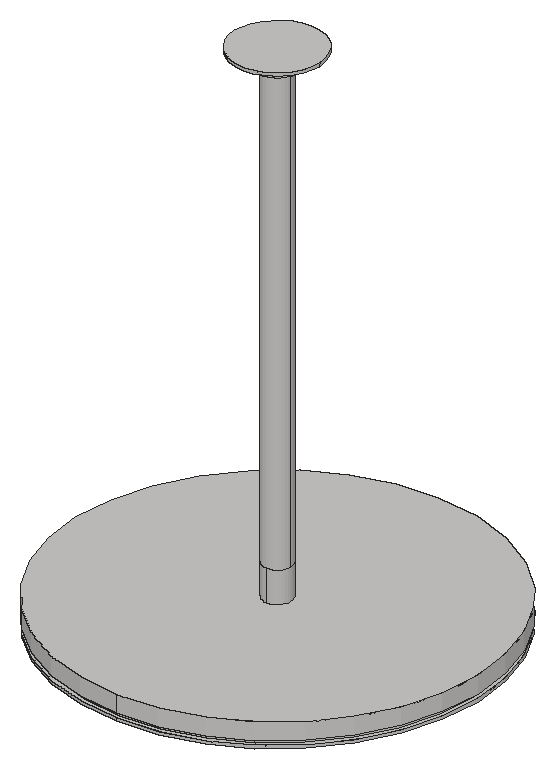
Revit family "060A+200", category Generic Models, Revit 2021
Family settings
  Can host rebar = No
  Round Connector Dimension = Use Diameter
  Part Type = Normal
  Work Plane-Based = No
  Always vertical = Yes
  Cut with Voids When Loaded = No
  Shared = No
  Room Calculation Point = No
Parameters (values of type "Standard")
  e-mail = "info@vola.com"
  URL = "http://vola.com"
  Telephone = "+45 7023 5500"
  Quality management standard = "ISO 9001"
  Organisation no. / DUNS no. = "17531328"
  Occupational health and safety management standard = "ISO 18001"
  Mounting Instructions = "http://vola.com/service/producturl.ashx?name=060A%2b200"
  Model = "060A+200"
  Materials and components information = "http://vola.com/service/producturl.ashx?name=060A%2b200"
  Manufacturer = "VOLA A/S"
  Maintenance Instructions = "http://vola.com/service/producturl.ashx?name=060A%2b200"
  Guarantee = "2 years"
  Flow = "22,00 l/min"
  Environmental management standard = "ISO 14000"
  Default Elevation = 0.00 mm
  Connection - All relevant connections = ""
  Approvals = "http://vola.com/service/producturl.ashx?name=060A%2b200"
Reference planes
  plane 1 "Center (Front/Back)": y = 0
  plane 2: z = 0
  plane 3 "Center (Left/Right)": x = 0
Forms (mm)
  Extrusion 1, solid, material "Stainless Steel"
    sketch origin (0, 0, -9.5) x (0, 1, 0) y (1, 0, 0)
      loop
        circle (0, 0) r 9.5
    from 0 to 318.5
  Extrusion 2, solid, material "Stainless Steel"
    sketch origin (-450, 0, -328) x (-1, 0, 0) y (0, 1, 0)
      loop
        circle (-450, 0) r 8.5
    from 0 to 0.2
  Extrusion 3, solid, material "Stainless Steel"
    sketch origin (-450, 0, -328.2) x (0, -1, 0) y (-1, 0, 0)
      loop
        circle (0, -450) r 9.5
    from 0 to 21.8
  Extrusion 4, solid, material "Stainless Steel"
    sketch origin (-450, 0, -350) x (1, 0, 0) y (0, -1, 0)
      loop
        circle (450, 0) r 143
    from 0 to 12
  Extrusion 5, solid, material "Stainless Steel"
    sketch origin (-450, 0, -362) x (0, 1, 0) y (1, 0, 0)
      loop
        circle (0, 450) r 140
    from 0 to 3
  Extrusion 6, solid, material "Stainless Steel"
    sketch origin (-450, 0, -365) x (-1, 0, 0) y (0, 1, 0)
      loop
        circle (-450, 0) r 143
    from 0 to 2
  Extrusion 7, solid, material "Stainless Steel"
    sketch origin (0, 0, -2) x (1, 0, 0) y (0, 1, 0)
      loop
        circle (0, 0) r 18
    from 0 to -7.5
  Extrusion 8, solid, material "Stainless Steel"
    sketch origin (0, 0, -2) x (1, 0, 0) y (0, 1, 0)
      loop
        circle (0, 0) r 30
    from 0 to 2
Dimensions and locks
  aligned and locked: plane 2 to level
Nested families
  nested 1: "Shower Detail Lines" at (0, 0, -367) x (0, 1, 0) z (0, 0, 1), type "Shower Detail Lines"
Definition of nested family "Shower Detail Lines"
  Parameters
    Default Elevation = 1219.20 mm
  Reference planes
    plane 1 "Center (Front/Back)": y = 0
    plane 2: z = 0
    plane 3 "Center (Left/Right)": x = 0
  Lines and regions (mm)
    model lines
      curve 1: line (-2, -24, 0) -> (2, -24, 0)
      curve 2: line (-2, -130, 0) -> (-2, -24, 0)
      curve 3: line (2, -130, 0) -> (-2, -130, 0)
      curve 4: line (2, -24, 0) -> (2, -130, 0)
      curve 5: circle (0, -27.479, 0) r 1.5 normal (0, 0, 1)
      curve 6: circle (0, -27.479, 0) r 0.5 normal (0, 0, 1)
      curve 7: circle (0, -36.479, 0) r 1.5 normal (0, 0, 1)
      curve 8: circle (0, -36.479, 0) r 0.5 normal (0, 0, 1)
      curve 9: circle (0, -45.479, 0) r 1.5 normal (0, 0, 1)
      curve 10: circle (0, -45.479, 0) r 0.5 normal (0, 0, 1)
      curve 11: circle (0, -54.479, 0) r 1.5 normal (0, 0, 1)
      curve 12: circle (0, -54.479, 0) r 0.5 normal (0, 0, 1)
      curve 13: circle (0, -63.479, 0) r 1.5 normal (0, 0, 1)
      curve 14: circle (0, -63.479, 0) r 0.5 normal (0, 0, 1)
      curve 15: circle (0, -72.479, 0) r 1.5 normal (0, 0, 1)
      curve 16: circle (0, -72.479, 0) r 0.5 normal (0, 0, 1)
      curve 17: circle (0, -81.479, 0) r 1.5 normal (0, 0, 1)
      curve 18: circle (0, -81.479, 0) r 0.5 normal (0, 0, 1)
      curve 19: circle (0, -90.479, 0) r 1.5 normal (0, 0, 1)
      curve 20: circle (0, -90.479, 0) r 0.5 normal (0, 0, 1)
      curve 21: circle (0, -99.479, 0) r 1.5 normal (0, 0, 1)
      curve 22: circle (0, -99.479, 0) r 0.5 normal (0, 0, 1)
      curve 23: circle (0, -108.479, 0) r 1.5 normal (0, 0, 1)
      curve 24: circle (0, -108.479, 0) r 0.5 normal (0, 0, 1)
      curve 25: circle (0, -117.479, 0) r 1.5 normal (0, 0, 1)
      curve 26: circle (0, -117.479, 0) r 0.5 normal (0, 0, 1)
      curve 27: circle (0, -126.479, 0) r 1.5 normal (0, 0, 1)
      curve 28: circle (0, -126.479, 0) r 0.5 normal (0, 0, 1)
      curve 29: line (6.329, -23.237, 0) -> (10.088, -21.869, 0)
      curve 30: line (42.583, -122.844, 0) -> (6.329, -23.237, 0)
      curve 31: line (46.342, -121.476, 0) -> (42.583, -122.844, 0)
      curve 32: line (10.088, -21.869, 0) -> (46.342, -121.476, 0)
      curve 33: circle (9.398, -25.822, 0) r 1.5 normal (0, 0, 1)
      curve 34: circle (9.398, -25.822, 0) r 0.5 normal (0, 0, 1)
      curve 35: circle (12.477, -34.279, 0) r 1.5 normal (0, 0, 1)
      curve 36: circle (12.477, -34.279, 0) r 0.5 normal (0, 0, 1)
      curve 37: circle (15.555, -42.736, 0) r 1.5 normal (0, 0, 1)
      curve 38: circle (15.555, -42.736, 0) r 0.5 normal (0, 0, 1)
      curve 39: circle (18.633, -51.193, 0) r 1.5 normal (0, 0, 1)
      curve 40: circle (18.633, -51.193, 0) r 0.5 normal (0, 0, 1)
      curve 41: circle (21.711, -59.651, 0) r 1.5 normal (0, 0, 1)
      curve 42: circle (21.711, -59.651, 0) r 0.5 normal (0, 0, 1)
      curve 43: circle (24.789, -68.108, 0) r 1.5 normal (0, 0, 1)
      curve 44: circle (24.789, -68.108, 0) r 0.5 normal (0, 0, 1)
      curve 45: circle (27.867, -76.565, 0) r 1.5 normal (0, 0, 1)
      curve 46: circle (27.867, -76.565, 0) r 0.5 normal (0, 0, 1)
      curve 47: circle (30.946, -85.022, 0) r 1.5 normal (0, 0, 1)
      curve 48: circle (30.946, -85.022, 0) r 0.5 normal (0, 0, 1)
      curve 49: circle (34.024, -93.48, 0) r 1.5 normal (0, 0, 1)
      curve 50: circle (34.024, -93.48, 0) r 0.5 normal (0, 0, 1)
      curve 51: circle (37.102, -101.937, 0) r 1.5 normal (0, 0, 1)
      curve 52: circle (37.102, -101.937, 0) r 0.5 normal (0, 0, 1)
      curve 53: circle (40.18, -110.394, 0) r 1.5 normal (0, 0, 1)
      curve 54: circle (40.18, -110.394, 0) r 0.5 normal (0, 0, 1)
      curve 55: circle (43.258, -118.851, 0) r 1.5 normal (0, 0, 1)
      curve 56: circle (43.258, -118.851, 0) r 0.5 normal (0, 0, 1)
      curve 57: line (13.895, -19.671, 0) -> (16.959, -17.099, 0)
      curve 58: line (82.03, -100.871, 0) -> (13.895, -19.671, 0)
      curve 59: line (85.094, -98.3, 0) -> (82.03, -100.871, 0)
      curve 60: line (16.959, -17.099, 0) -> (85.094, -98.3, 0)
      curve 61: circle (17.663, -21.05, 0) r 1.5 normal (0, 0, 1)
      curve 62: circle (17.663, -21.05, 0) r 0.5 normal (0, 0, 1)
      curve 63: circle (23.448, -27.944, 0) r 1.5 normal (0, 0, 1)
      curve 64: circle (23.448, -27.944, 0) r 0.5 normal (0, 0, 1)
      curve 65: circle (29.233, -34.839, 0) r 1.5 normal (0, 0, 1)
      curve 66: circle (29.233, -34.839, 0) r 0.5 normal (0, 0, 1)
      curve 67: circle (35.018, -41.733, 0) r 1.5 normal (0, 0, 1)
      curve 68: circle (35.018, -41.733, 0) r 0.5 normal (0, 0, 1)
      curve 69: circle (40.803, -48.628, 0) r 1.5 normal (0, 0, 1)
      curve 70: circle (40.803, -48.628, 0) r 0.5 normal (0, 0, 1)
      curve 71: circle (46.589, -55.522, 0) r 1.5 normal (0, 0, 1)
      curve 72: circle (46.589, -55.522, 0) r 0.5 normal (0, 0, 1)
      curve 73: circle (52.374, -62.416, 0) r 1.5 normal (0, 0, 1)
      curve 74: circle (52.374, -62.416, 0) r 0.5 normal (0, 0, 1)
      curve 75: circle (58.159, -69.311, 0) r 1.5 normal (0, 0, 1)
      curve 76: circle (58.159, -69.311, 0) r 0.5 normal (0, 0, 1)
      curve 77: circle (63.944, -76.205, 0) r 1.5 normal (0, 0, 1)
      curve 78: circle (63.944, -76.205, 0) r 0.5 normal (0, 0, 1)
      curve 79: circle (69.729, -83.1, 0) r 1.5 normal (0, 0, 1)
      curve 80: circle (69.729, -83.1, 0) r 0.5 normal (0, 0, 1)
      curve 81: circle (75.514, -89.994, 0) r 1.5 normal (0, 0, 1)
      curve 82: circle (75.514, -89.994, 0) r 0.5 normal (0, 0, 1)
      curve 83: circle (81.299, -96.888, 0) r 1.5 normal (0, 0, 1)
      curve 84: circle (81.299, -96.888, 0) r 0.5 normal (0, 0, 1)
      curve 85: line (19.785, -13.732, 0) -> (21.785, -10.268, 0)
      curve 86: line (111.583, -66.732, 0) -> (19.785, -13.732, 0)
      curve 87: line (113.583, -63.268, 0) -> (111.583, -66.732, 0)
      curve 88: line (21.785, -10.268, 0) -> (113.583, -63.268, 0)
      curve 89: circle (23.797, -13.739, 0) r 1.5 normal (0, 0, 1)
      curve 90: circle (23.797, -13.739, 0) r 0.5 normal (0, 0, 1)
      curve 91: circle (31.592, -18.239, 0) r 1.5 normal (0, 0, 1)
      curve 92: circle (31.592, -18.239, 0) r 0.5 normal (0, 0, 1)
      curve 93: circle (39.386, -22.739, 0) r 1.5 normal (0, 0, 1)
      curve 94: circle (39.386, -22.739, 0) r 0.5 normal (0, 0, 1)
      curve 95: circle (47.18, -27.239, 0) r 1.5 normal (0, 0, 1)
      curve 96: circle (47.18, -27.239, 0) r 0.5 normal (0, 0, 1)
      curve 97: circle (54.974, -31.739, 0) r 1.5 normal (0, 0, 1)
      curve 98: circle (54.974, -31.739, 0) r 0.5 normal (0, 0, 1)
      curve 99: circle (62.769, -36.239, 0) r 1.5 normal (0, 0, 1)
      curve 100: circle (62.769, -36.239, 0) r 0.5 normal (0, 0, 1)
      curve 101: circle (70.563, -40.739, 0) r 1.5 normal (0, 0, 1)
      curve 102: circle (70.563, -40.739, 0) r 0.5 normal (0, 0, 1)
      curve 103: circle (78.357, -45.239, 0) r 1.5 normal (0, 0, 1)
      curve 104: circle (78.357, -45.239, 0) r 0.5 normal (0, 0, 1)
      curve 105: circle (86.151, -49.739, 0) r 1.5 normal (0, 0, 1)
      curve 106: circle (86.151, -49.739, 0) r 0.5 normal (0, 0, 1)
      curve 107: circle (93.945, -54.239, 0) r 1.5 normal (0, 0, 1)
      curve 108: circle (93.945, -54.239, 0) r 0.5 normal (0, 0, 1)
      curve 109: circle (101.74, -58.739, 0) r 1.5 normal (0, 0, 1)
      curve 110: circle (101.74, -58.739, 0) r 0.5 normal (0, 0, 1)
      curve 111: circle (109.534, -63.239, 0) r 1.5 normal (0, 0, 1)
      curve 112: circle (109.534, -63.239, 0) r 0.5 normal (0, 0, 1)
      curve 113: line (23.288, -6.137, 0) -> (23.983, -2.198, 0)
      curve 114: line (127.678, -24.544, 0) -> (23.288, -6.137, 0)
      curve 115: line (128.372, -20.605, 0) -> (127.678, -24.544, 0)
      curve 116: line (23.983, -2.198, 0) -> (128.372, -20.605, 0)
      curve 117: circle (27.061, -4.772, 0) r 1.5 normal (0, 0, 1)
      curve 118: circle (27.061, -4.772, 0) r 0.5 normal (0, 0, 1)
      curve 119: circle (35.925, -6.334, 0) r 1.5 normal (0, 0, 1)
      curve 120: circle (35.925, -6.334, 0) r 0.5 normal (0, 0, 1)
      curve 121: circle (44.788, -7.897, 0) r 1.5 normal (0, 0, 1)
      curve 122: circle (44.788, -7.897, 0) r 0.5 normal (0, 0, 1)
      curve 123: circle (53.651, -9.46, 0) r 1.5 normal (0, 0, 1)
      curve 124: circle (53.651, -9.46, 0) r 0.5 normal (0, 0, 1)
      curve 125: circle (62.514, -11.023, 0) r 1.5 normal (0, 0, 1)
      curve 126: circle (62.514, -11.023, 0) r 0.5 normal (0, 0, 1)
      curve 127: circle (71.378, -12.586, 0) r 1.5 normal (0, 0, 1)
      curve 128: circle (71.378, -12.586, 0) r 0.5 normal (0, 0, 1)
      curve 129: circle (80.241, -14.149, 0) r 1.5 normal (0, 0, 1)
      curve 130: circle (80.241, -14.149, 0) r 0.5 normal (0, 0, 1)
      curve 131: circle (89.104, -15.711, 0) r 1.5 normal (0, 0, 1)
      curve 132: circle (89.104, -15.711, 0) r 0.5 normal (0, 0, 1)
      curve 133: circle (97.968, -17.274, 0) r 1.5 normal (0, 0, 1)
      curve 134: circle (97.968, -17.274, 0) r 0.5 normal (0, 0, 1)
      curve 135: circle (106.831, -18.837, 0) r 1.5 normal (0, 0, 1)
      curve 136: circle (106.831, -18.837, 0) r 0.5 normal (0, 0, 1)
      curve 137: circle (115.694, -20.4, 0) r 1.5 normal (0, 0, 1)
      curve 138: circle (115.694, -20.4, 0) r 0.5 normal (0, 0, 1)
      curve 139: circle (124.557, -21.963, 0) r 1.5 normal (0, 0, 1)
      curve 140: circle (124.557, -21.963, 0) r 0.5 normal (0, 0, 1)
      curve 141: line (23.983, 2.198, 0) -> (23.288, 6.137, 0)
      curve 142: line (128.372, 20.605, 0) -> (23.983, 2.198, 0)
      curve 143: line (127.678, 24.544, 0) -> (128.372, 20.605, 0)
      curve 144: line (23.288, 6.137, 0) -> (127.678, 24.544, 0)
      curve 145: circle (27.061, 4.772, 0) r 1.5 normal (0, 0, 1)
      curve 146: circle (27.061, 4.772, 0) r 0.5 normal (0, 0, 1)
      curve 147: circle (35.925, 6.334, 0) r 1.5 normal (0, 0, 1)
      curve 148: circle (35.925, 6.334, 0) r 0.5 normal (0, 0, 1)
      curve 149: circle (44.788, 7.897, 0) r 1.5 normal (0, 0, 1)
      curve 150: circle (44.788, 7.897, 0) r 0.5 normal (0, 0, 1)
      curve 151: circle (53.651, 9.46, 0) r 1.5 normal (0, 0, 1)
      curve 152: circle (53.651, 9.46, 0) r 0.5 normal (0, 0, 1)
      curve 153: circle (62.514, 11.023, 0) r 1.5 normal (0, 0, 1)
      curve 154: circle (62.514, 11.023, 0) r 0.5 normal (0, 0, 1)
      curve 155: circle (71.378, 12.586, 0) r 1.5 normal (0, 0, 1)
      curve 156: circle (71.378, 12.586, 0) r 0.5 normal (0, 0, 1)
      curve 157: circle (80.241, 14.149, 0) r 1.5 normal (0, 0, 1)
      curve 158: circle (80.241, 14.149, 0) r 0.5 normal (0, 0, 1)
      curve 159: circle (89.104, 15.711, 0) r 1.5 normal (0, 0, 1)
      curve 160: circle (89.104, 15.711, 0) r 0.5 normal (0, 0, 1)
      curve 161: circle (97.968, 17.274, 0) r 1.5 normal (0, 0, 1)
      curve 162: circle (97.968, 17.274, 0) r 0.5 normal (0, 0, 1)
      curve 163: circle (106.831, 18.837, 0) r 1.5 normal (0, 0, 1)
      curve 164: circle (106.831, 18.837, 0) r 0.5 normal (0, 0, 1)
      curve 165: circle (115.694, 20.4, 0) r 1.5 normal (0, 0, 1)
      curve 166: circle (115.694, 20.4, 0) r 0.5 normal (0, 0, 1)
      curve 167: circle (124.557, 21.963, 0) r 1.5 normal (0, 0, 1)
      curve 168: circle (124.557, 21.963, 0) r 0.5 normal (0, 0, 1)
      curve 169: line (21.785, 10.268, 0) -> (19.785, 13.732, 0)
      curve 170: line (113.583, 63.268, 0) -> (21.785, 10.268, 0)
      curve 171: line (111.583, 66.732, 0) -> (113.583, 63.268, 0)
      curve 172: line (19.785, 13.732, 0) -> (111.583, 66.732, 0)
      curve 173: circle (23.797, 13.739, 0) r 1.5 normal (0, 0, 1)
      curve 174: circle (23.797, 13.739, 0) r 0.5 normal (0, 0, 1)
      curve 175: circle (31.592, 18.239, 0) r 1.5 normal (0, 0, 1)
      curve 176: circle (31.592, 18.239, 0) r 0.5 normal (0, 0, 1)
      curve 177: circle (39.386, 22.739, 0) r 1.5 normal (0, 0, 1)
      curve 178: circle (39.386, 22.739, 0) r 0.5 normal (0, 0, 1)
      curve 179: circle (47.18, 27.239, 0) r 1.5 normal (0, 0, 1)
      curve 180: circle (47.18, 27.239, 0) r 0.5 normal (0, 0, 1)
      curve 181: circle (54.974, 31.739, 0) r 1.5 normal (0, 0, 1)
      curve 182: circle (54.974, 31.739, 0) r 0.5 normal (0, 0, 1)
      curve 183: circle (62.769, 36.239, 0) r 1.5 normal (0, 0, 1)
      curve 184: circle (62.769, 36.239, 0) r 0.5 normal (0, 0, 1)
      curve 185: circle (70.563, 40.739, 0) r 1.5 normal (0, 0, 1)
      curve 186: circle (70.563, 40.739, 0) r 0.5 normal (0, 0, 1)
      curve 187: circle (78.357, 45.239, 0) r 1.5 normal (0, 0, 1)
      curve 188: circle (78.357, 45.239, 0) r 0.5 normal (0, 0, 1)
      curve 189: circle (86.151, 49.739, 0) r 1.5 normal (0, 0, 1)
      curve 190: circle (86.151, 49.739, 0) r 0.5 normal (0, 0, 1)
      curve 191: circle (93.945, 54.239, 0) r 1.5 normal (0, 0, 1)
      curve 192: circle (93.945, 54.239, 0) r 0.5 normal (0, 0, 1)
      curve 193: circle (101.74, 58.739, 0) r 1.5 normal (0, 0, 1)
      curve 194: circle (101.74, 58.739, 0) r 0.5 normal (0, 0, 1)
      curve 195: circle (109.534, 63.239, 0) r 1.5 normal (0, 0, 1)
      curve 196: circle (109.534, 63.239, 0) r 0.5 normal (0, 0, 1)
      curve 197: line (16.959, 17.099, 0) -> (13.895, 19.671, 0)
      curve 198: line (85.094, 98.3, 0) -> (16.959, 17.099, 0)
      curve 199: line (82.03, 100.871, 0) -> (85.094, 98.3, 0)
      curve 200: line (13.895, 19.671, 0) -> (82.03, 100.871, 0)
      curve 201: circle (17.663, 21.05, 0) r 1.5 normal (0, 0, 1)
      curve 202: circle (17.663, 21.05, 0) r 0.5 normal (0, 0, 1)
      curve 203: circle (23.448, 27.944, 0) r 1.5 normal (0, 0, 1)
      curve 204: circle (23.448, 27.944, 0) r 0.5 normal (0, 0, 1)
      curve 205: circle (29.233, 34.839, 0) r 1.5 normal (0, 0, 1)
      curve 206: circle (29.233, 34.839, 0) r 0.5 normal (0, 0, 1)
      curve 207: circle (35.018, 41.733, 0) r 1.5 normal (0, 0, 1)
      curve 208: circle (35.018, 41.733, 0) r 0.5 normal (0, 0, 1)
      curve 209: circle (40.803, 48.628, 0) r 1.5 normal (0, 0, 1)
      curve 210: circle (40.803, 48.628, 0) r 0.5 normal (0, 0, 1)
      curve 211: circle (46.589, 55.522, 0) r 1.5 normal (0, 0, 1)
      curve 212: circle (46.589, 55.522, 0) r 0.5 normal (0, 0, 1)
      curve 213: circle (52.374, 62.416, 0) r 1.5 normal (0, 0, 1)
      curve 214: circle (52.374, 62.416, 0) r 0.5 normal (0, 0, 1)
      curve 215: circle (58.159, 69.311, 0) r 1.5 normal (0, 0, 1)
      curve 216: circle (58.159, 69.311, 0) r 0.5 normal (0, 0, 1)
      curve 217: circle (63.944, 76.205, 0) r 1.5 normal (0, 0, 1)
      curve 218: circle (63.944, 76.205, 0) r 0.5 normal (0, 0, 1)
      curve 219: circle (69.729, 83.1, 0) r 1.5 normal (0, 0, 1)
      curve 220: circle (69.729, 83.1, 0) r 0.5 normal (0, 0, 1)
      curve 221: circle (75.514, 89.994, 0) r 1.5 normal (0, 0, 1)
      curve 222: circle (75.514, 89.994, 0) r 0.5 normal (0, 0, 1)
      curve 223: circle (81.299, 96.888, 0) r 1.5 normal (0, 0, 1)
      curve 224: circle (81.299, 96.888, 0) r 0.5 normal (0, 0, 1)
      curve 225: line (10.088, 21.869, 0) -> (6.329, 23.237, 0)
      curve 226: line (46.342, 121.476, 0) -> (10.088, 21.869, 0)
      curve 227: line (42.583, 122.844, 0) -> (46.342, 121.476, 0)
      curve 228: line (6.329, 23.237, 0) -> (42.583, 122.844, 0)
      curve 229: circle (9.398, 25.822, 0) r 1.5 normal (0, 0, 1)
      curve 230: circle (9.398, 25.822, 0) r 0.5 normal (0, 0, 1)
      curve 231: circle (12.477, 34.279, 0) r 1.5 normal (0, 0, 1)
      curve 232: circle (12.477, 34.279, 0) r 0.5 normal (0, 0, 1)
      curve 233: circle (15.555, 42.736, 0) r 1.5 normal (0, 0, 1)
      curve 234: circle (15.555, 42.736, 0) r 0.5 normal (0, 0, 1)
      curve 235: circle (18.633, 51.193, 0) r 1.5 normal (0, 0, 1)
      curve 236: circle (18.633, 51.193, 0) r 0.5 normal (0, 0, 1)
      curve 237: circle (21.711, 59.651, 0) r 1.5 normal (0, 0, 1)
      curve 238: circle (21.711, 59.651, 0) r 0.5 normal (0, 0, 1)
      curve 239: circle (24.789, 68.108, 0) r 1.5 normal (0, 0, 1)
      curve 240: circle (24.789, 68.108, 0) r 0.5 normal (0, 0, 1)
      curve 241: circle (27.867, 76.565, 0) r 1.5 normal (0, 0, 1)
      curve 242: circle (27.867, 76.565, 0) r 0.5 normal (0, 0, 1)
      curve 243: circle (30.946, 85.022, 0) r 1.5 normal (0, 0, 1)
      curve 244: circle (30.946, 85.022, 0) r 0.5 normal (0, 0, 1)
      curve 245: circle (34.024, 93.48, 0) r 1.5 normal (0, 0, 1)
      curve 246: circle (34.024, 93.48, 0) r 0.5 normal (0, 0, 1)
      curve 247: circle (37.102, 101.937, 0) r 1.5 normal (0, 0, 1)
      curve 248: circle (37.102, 101.937, 0) r 0.5 normal (0, 0, 1)
      curve 249: circle (40.18, 110.394, 0) r 1.5 normal (0, 0, 1)
      curve 250: circle (40.18, 110.394, 0) r 0.5 normal (0, 0, 1)
      curve 251: circle (43.258, 118.851, 0) r 1.5 normal (0, 0, 1)
      curve 252: circle (43.258, 118.851, 0) r 0.5 normal (0, 0, 1)
      curve 253: line (2, 24, 0) -> (-2, 24, 0)
      curve 254: line (2, 130, 0) -> (2, 24, 0)
      curve 255: line (-2, 130, 0) -> (2, 130, 0)
      curve 256: line (-2, 24, 0) -> (-2, 130, 0)
      curve 257: circle (0, 27.479, 0) r 1.5 normal (0, 0, 1)
      curve 258: circle (0, 27.479, 0) r 0.5 normal (0, 0, 1)
      curve 259: circle (0, 36.479, 0) r 1.5 normal (0, 0, 1)
      curve 260: circle (0, 36.479, 0) r 0.5 normal (0, 0, 1)
      curve 261: circle (0, 45.479, 0) r 1.5 normal (0, 0, 1)
      curve 262: circle (0, 45.479, 0) r 0.5 normal (0, 0, 1)
      curve 263: circle (0, 54.479, 0) r 1.5 normal (0, 0, 1)
      curve 264: circle (0, 54.479, 0) r 0.5 normal (0, 0, 1)
      curve 265: circle (0, 63.479, 0) r 1.5 normal (0, 0, 1)
      curve 266: circle (0, 63.479, 0) r 0.5 normal (0, 0, 1)
      curve 267: circle (0, 72.479, 0) r 1.5 normal (0, 0, 1)
      curve 268: circle (0, 72.479, 0) r 0.5 normal (0, 0, 1)
      curve 269: circle (0, 81.479, 0) r 1.5 normal (0, 0, 1)
      curve 270: circle (0, 81.479, 0) r 0.5 normal (0, 0, 1)
      curve 271: circle (0, 90.479, 0) r 1.5 normal (0, 0, 1)
      curve 272: circle (0, 90.479, 0) r 0.5 normal (0, 0, 1)
      curve 273: circle (0, 99.479, 0) r 1.5 normal (0, 0, 1)
      curve 274: circle (0, 99.479, 0) r 0.5 normal (0, 0, 1)
      curve 275: circle (0, 108.479, 0) r 1.5 normal (0, 0, 1)
      curve 276: circle (0, 108.479, 0) r 0.5 normal (0, 0, 1)
      curve 277: circle (0, 117.479, 0) r 1.5 normal (0, 0, 1)
      curve 278: circle (0, 117.479, 0) r 0.5 normal (0, 0, 1)
      curve 279: circle (0, 126.479, 0) r 1.5 normal (0, 0, 1)
      curve 280: circle (0, 126.479, 0) r 0.5 normal (0, 0, 1)
      curve 281: line (-6.329, 23.237, 0) -> (-10.088, 21.869, 0)
      curve 282: line (-42.583, 122.844, 0) -> (-6.329, 23.237, 0)
      curve 283: line (-46.342, 121.476, 0) -> (-42.583, 122.844, 0)
      curve 284: line (-10.088, 21.869, 0) -> (-46.342, 121.476, 0)
      curve 285: circle (-9.398, 25.822, 0) r 1.5 normal (0, 0, 1)
      curve 286: circle (-9.398, 25.822, 0) r 0.5 normal (0, 0, 1)
      curve 287: circle (-12.477, 34.279, 0) r 1.5 normal (0, 0, 1)
      curve 288: circle (-12.477, 34.279, 0) r 0.5 normal (0, 0, 1)
      curve 289: circle (-15.555, 42.736, 0) r 1.5 normal (0, 0, 1)
      curve 290: circle (-15.555, 42.736, 0) r 0.5 normal (0, 0, 1)
      curve 291: circle (-18.633, 51.193, 0) r 1.5 normal (0, 0, 1)
      curve 292: circle (-18.633, 51.193, 0) r 0.5 normal (0, 0, 1)
      curve 293: circle (-21.711, 59.651, 0) r 1.5 normal (0, 0, 1)
      curve 294: circle (-21.711, 59.651, 0) r 0.5 normal (0, 0, 1)
      curve 295: circle (-24.789, 68.108, 0) r 1.5 normal (0, 0, 1)
      curve 296: circle (-24.789, 68.108, 0) r 0.5 normal (0, 0, 1)
      curve 297: circle (-27.867, 76.565, 0) r 1.5 normal (0, 0, 1)
      curve 298: circle (-27.867, 76.565, 0) r 0.5 normal (0, 0, 1)
      curve 299: circle (-30.946, 85.022, 0) r 1.5 normal (0, 0, 1)
      curve 300: circle (-30.946, 85.022, 0) r 0.5 normal (0, 0, 1)
      curve 301: circle (-34.024, 93.48, 0) r 1.5 normal (0, 0, 1)
      curve 302: circle (-34.024, 93.48, 0) r 0.5 normal (0, 0, 1)
      curve 303: circle (-37.102, 101.937, 0) r 1.5 normal (0, 0, 1)
      curve 304: circle (-37.102, 101.937, 0) r 0.5 normal (0, 0, 1)
      curve 305: circle (-40.18, 110.394, 0) r 1.5 normal (0, 0, 1)
      curve 306: circle (-40.18, 110.394, 0) r 0.5 normal (0, 0, 1)
      curve 307: circle (-43.258, 118.851, 0) r 1.5 normal (0, 0, 1)
      curve 308: circle (-43.258, 118.851, 0) r 0.5 normal (0, 0, 1)
      curve 309: line (-13.895, 19.671, 0) -> (-16.959, 17.099, 0)
      curve 310: line (-82.03, 100.871, 0) -> (-13.895, 19.671, 0)
      curve 311: line (-85.094, 98.3, 0) -> (-82.03, 100.871, 0)
      curve 312: line (-16.959, 17.099, 0) -> (-85.094, 98.3, 0)
      curve 313: circle (-17.663, 21.05, 0) r 1.5 normal (0, 0, 1)
      curve 314: circle (-17.663, 21.05, 0) r 0.5 normal (0, 0, 1)
      curve 315: circle (-23.448, 27.944, 0) r 1.5 normal (0, 0, 1)
      curve 316: circle (-23.448, 27.944, 0) r 0.5 normal (0, 0, 1)
      curve 317: circle (-29.233, 34.839, 0) r 1.5 normal (0, 0, 1)
      curve 318: circle (-29.233, 34.839, 0) r 0.5 normal (0, 0, 1)
      curve 319: circle (-35.018, 41.733, 0) r 1.5 normal (0, 0, 1)
      curve 320: circle (-35.018, 41.733, 0) r 0.5 normal (0, 0, 1)
      curve 321: circle (-40.803, 48.628, 0) r 1.5 normal (0, 0, 1)
      curve 322: circle (-40.803, 48.628, 0) r 0.5 normal (0, 0, 1)
      curve 323: circle (-46.589, 55.522, 0) r 1.5 normal (0, 0, 1)
      curve 324: circle (-46.589, 55.522, 0) r 0.5 normal (0, 0, 1)
      curve 325: circle (-52.374, 62.416, 0) r 1.5 normal (0, 0, 1)
      curve 326: circle (-52.374, 62.416, 0) r 0.5 normal (0, 0, 1)
      curve 327: circle (-58.159, 69.311, 0) r 1.5 normal (0, 0, 1)
      curve 328: circle (-58.159, 69.311, 0) r 0.5 normal (0, 0, 1)
      curve 329: circle (-63.944, 76.205, 0) r 1.5 normal (0, 0, 1)
      curve 330: circle (-63.944, 76.205, 0) r 0.5 normal (0, 0, 1)
      curve 331: circle (-69.729, 83.1, 0) r 1.5 normal (0, 0, 1)
      curve 332: circle (-69.729, 83.1, 0) r 0.5 normal (0, 0, 1)
      curve 333: circle (-75.514, 89.994, 0) r 1.5 normal (0, 0, 1)
      curve 334: circle (-75.514, 89.994, 0) r 0.5 normal (0, 0, 1)
      curve 335: circle (-81.299, 96.888, 0) r 1.5 normal (0, 0, 1)
      curve 336: circle (-81.299, 96.888, 0) r 0.5 normal (0, 0, 1)
      curve 337: line (-19.785, 13.732, 0) -> (-21.785, 10.268, 0)
      curve 338: line (-111.583, 66.732, 0) -> (-19.785, 13.732, 0)
      curve 339: line (-113.583, 63.268, 0) -> (-111.583, 66.732, 0)
      curve 340: line (-21.785, 10.268, 0) -> (-113.583, 63.268, 0)
      curve 341: circle (-23.797, 13.739, 0) r 1.5 normal (0, 0, 1)
      curve 342: circle (-23.797, 13.739, 0) r 0.5 normal (0, 0, 1)
      curve 343: circle (-31.592, 18.239, 0) r 1.5 normal (0, 0, 1)
      curve 344: circle (-31.592, 18.239, 0) r 0.5 normal (0, 0, 1)
      curve 345: circle (-39.386, 22.739, 0) r 1.5 normal (0, 0, 1)
      curve 346: circle (-39.386, 22.739, 0) r 0.5 normal (0, 0, 1)
      curve 347: circle (-47.18, 27.239, 0) r 1.5 normal (0, 0, 1)
      curve 348: circle (-47.18, 27.239, 0) r 0.5 normal (0, 0, 1)
      curve 349: circle (-54.974, 31.739, 0) r 1.5 normal (0, 0, 1)
      curve 350: circle (-54.974, 31.739, 0) r 0.5 normal (0, 0, 1)
      curve 351: circle (-62.769, 36.239, 0) r 1.5 normal (0, 0, 1)
      curve 352: circle (-62.769, 36.239, 0) r 0.5 normal (0, 0, 1)
      curve 353: circle (-70.563, 40.739, 0) r 1.5 normal (0, 0, 1)
      curve 354: circle (-70.563, 40.739, 0) r 0.5 normal (0, 0, 1)
      curve 355: circle (-78.357, 45.239, 0) r 1.5 normal (0, 0, 1)
      curve 356: circle (-78.357, 45.239, 0) r 0.5 normal (0, 0, 1)
      curve 357: circle (-86.151, 49.739, 0) r 1.5 normal (0, 0, 1)
      curve 358: circle (-86.151, 49.739, 0) r 0.5 normal (0, 0, 1)
      curve 359: circle (-93.945, 54.239, 0) r 1.5 normal (0, 0, 1)
      curve 360: circle (-93.945, 54.239, 0) r 0.5 normal (0, 0, 1)
      curve 361: circle (-101.74, 58.739, 0) r 1.5 normal (0, 0, 1)
      curve 362: circle (-101.74, 58.739, 0) r 0.5 normal (0, 0, 1)
      curve 363: circle (-109.534, 63.239, 0) r 1.5 normal (0, 0, 1)
      curve 364: circle (-109.534, 63.239, 0) r 0.5 normal (0, 0, 1)
      curve 365: line (-23.288, 6.137, 0) -> (-23.983, 2.198, 0)
      curve 366: line (-127.678, 24.544, 0) -> (-23.288, 6.137, 0)
      curve 367: line (-128.372, 20.605, 0) -> (-127.678, 24.544, 0)
      curve 368: line (-23.983, 2.198, 0) -> (-128.372, 20.605, 0)
      curve 369: circle (-27.061, 4.772, 0) r 1.5 normal (0, 0, 1)
      curve 370: circle (-27.061, 4.772, 0) r 0.5 normal (0, 0, 1)
      curve 371: circle (-35.925, 6.334, 0) r 1.5 normal (0, 0, 1)
      curve 372: circle (-35.925, 6.334, 0) r 0.5 normal (0, 0, 1)
      curve 373: circle (-44.788, 7.897, 0) r 1.5 normal (0, 0, 1)
      curve 374: circle (-44.788, 7.897, 0) r 0.5 normal (0, 0, 1)
      curve 375: circle (-53.651, 9.46, 0) r 1.5 normal (0, 0, 1)
      curve 376: circle (-53.651, 9.46, 0) r 0.5 normal (0, 0, 1)
      curve 377: circle (-62.514, 11.023, 0) r 1.5 normal (0, 0, 1)
      curve 378: circle (-62.514, 11.023, 0) r 0.5 normal (0, 0, 1)
      curve 379: circle (-71.378, 12.586, 0) r 1.5 normal (0, 0, 1)
      curve 380: circle (-71.378, 12.586, 0) r 0.5 normal (0, 0, 1)
      curve 381: circle (-80.241, 14.149, 0) r 1.5 normal (0, 0, 1)
      curve 382: circle (-80.241, 14.149, 0) r 0.5 normal (0, 0, 1)
      curve 383: circle (-89.104, 15.711, 0) r 1.5 normal (0, 0, 1)
      curve 384: circle (-89.104, 15.711, 0) r 0.5 normal (0, 0, 1)
      curve 385: circle (-97.968, 17.274, 0) r 1.5 normal (0, 0, 1)
      curve 386: circle (-97.968, 17.274, 0) r 0.5 normal (0, 0, 1)
      curve 387: circle (-106.831, 18.837, 0) r 1.5 normal (0, 0, 1)
      curve 388: circle (-106.831, 18.837, 0) r 0.5 normal (0, 0, 1)
      curve 389: circle (-115.694, 20.4, 0) r 1.5 normal (0, 0, 1)
      curve 390: circle (-115.694, 20.4, 0) r 0.5 normal (0, 0, 1)
      curve 391: circle (-124.557, 21.963, 0) r 1.5 normal (0, 0, 1)
      curve 392: circle (-124.557, 21.963, 0) r 0.5 normal (0, 0, 1)
      curve 393: line (-23.983, -2.198, 0) -> (-23.288, -6.137, 0)
      curve 394: line (-128.372, -20.605, 0) -> (-23.983, -2.198, 0)
      curve 395: line (-127.678, -24.544, 0) -> (-128.372, -20.605, 0)
      curve 396: line (-23.288, -6.137, 0) -> (-127.678, -24.544, 0)
      curve 397: circle (-27.061, -4.772, 0) r 1.5 normal (0, 0, 1)
      curve 398: circle (-27.061, -4.772, 0) r 0.5 normal (0, 0, 1)
      curve 399: circle (-35.925, -6.334, 0) r 1.5 normal (0, 0, 1)
      curve 400: circle (-35.925, -6.334, 0) r 0.5 normal (0, 0, 1)
      curve 401: circle (-44.788, -7.897, 0) r 1.5 normal (0, 0, 1)
      curve 402: circle (-44.788, -7.897, 0) r 0.5 normal (0, 0, 1)
      curve 403: circle (-53.651, -9.46, 0) r 1.5 normal (0, 0, 1)
      curve 404: circle (-53.651, -9.46, 0) r 0.5 normal (0, 0, 1)
      curve 405: circle (-62.514, -11.023, 0) r 1.5 normal (0, 0, 1)
      curve 406: circle (-62.514, -11.023, 0) r 0.5 normal (0, 0, 1)
      curve 407: circle (-71.378, -12.586, 0) r 1.5 normal (0, 0, 1)
      curve 408: circle (-71.378, -12.586, 0) r 0.5 normal (0, 0, 1)
      curve 409: circle (-80.241, -14.149, 0) r 1.5 normal (0, 0, 1)
      curve 410: circle (-80.241, -14.149, 0) r 0.5 normal (0, 0, 1)
      curve 411: circle (-89.104, -15.711, 0) r 1.5 normal (0, 0, 1)
      curve 412: circle (-89.104, -15.711, 0) r 0.5 normal (0, 0, 1)
      curve 413: circle (-97.968, -17.274, 0) r 1.5 normal (0, 0, 1)
      curve 414: circle (-97.968, -17.274, 0) r 0.5 normal (0, 0, 1)
      curve 415: circle (-106.831, -18.837, 0) r 1.5 normal (0, 0, 1)
      curve 416: circle (-106.831, -18.837, 0) r 0.5 normal (0, 0, 1)
      curve 417: circle (-115.694, -20.4, 0) r 1.5 normal (0, 0, 1)
      curve 418: circle (-115.694, -20.4, 0) r 0.5 normal (0, 0, 1)
      curve 419: circle (-124.557, -21.963, 0) r 1.5 normal (0, 0, 1)
      curve 420: circle (-124.557, -21.963, 0) r 0.5 normal (0, 0, 1)
      curve 421: line (-21.785, -10.268, 0) -> (-19.785, -13.732, 0)
      curve 422: line (-113.583, -63.268, 0) -> (-21.785, -10.268, 0)
      curve 423: line (-111.583, -66.732, 0) -> (-113.583, -63.268, 0)
      curve 424: line (-19.785, -13.732, 0) -> (-111.583, -66.732, 0)
      curve 425: circle (-23.797, -13.739, 0) r 1.5 normal (0, 0, 1)
      curve 426: circle (-23.797, -13.739, 0) r 0.5 normal (0, 0, 1)
      curve 427: circle (-31.592, -18.239, 0) r 1.5 normal (0, 0, 1)
      curve 428: circle (-31.592, -18.239, 0) r 0.5 normal (0, 0, 1)
      curve 429: circle (-39.386, -22.739, 0) r 1.5 normal (0, 0, 1)
      curve 430: circle (-39.386, -22.739, 0) r 0.5 normal (0, 0, 1)
      curve 431: circle (-47.18, -27.239, 0) r 1.5 normal (0, 0, 1)
      curve 432: circle (-47.18, -27.239, 0) r 0.5 normal (0, 0, 1)
      curve 433: circle (-54.974, -31.739, 0) r 1.5 normal (0, 0, 1)
      curve 434: circle (-54.974, -31.739, 0) r 0.5 normal (0, 0, 1)
      curve 435: circle (-62.769, -36.239, 0) r 1.5 normal (0, 0, 1)
      curve 436: circle (-62.769, -36.239, 0) r 0.5 normal (0, 0, 1)
      curve 437: circle (-70.563, -40.739, 0) r 1.5 normal (0, 0, 1)
      curve 438: circle (-70.563, -40.739, 0) r 0.5 normal (0, 0, 1)
      curve 439: circle (-78.357, -45.239, 0) r 1.5 normal (0, 0, 1)
      curve 440: circle (-78.357, -45.239, 0) r 0.5 normal (0, 0, 1)
      curve 441: circle (-86.151, -49.739, 0) r 1.5 normal (0, 0, 1)
      curve 442: circle (-86.151, -49.739, 0) r 0.5 normal (0, 0, 1)
      curve 443: circle (-93.945, -54.239, 0) r 1.5 normal (0, 0, 1)
      curve 444: circle (-93.945, -54.239, 0) r 0.5 normal (0, 0, 1)
      curve 445: circle (-101.74, -58.739, 0) r 1.5 normal (0, 0, 1)
      curve 446: circle (-101.74, -58.739, 0) r 0.5 normal (0, 0, 1)
      curve 447: circle (-109.534, -63.239, 0) r 1.5 normal (0, 0, 1)
      curve 448: circle (-109.534, -63.239, 0) r 0.5 normal (0, 0, 1)
      curve 449: line (-16.959, -17.099, 0) -> (-13.895, -19.671, 0)
      curve 450: line (-85.094, -98.3, 0) -> (-16.959, -17.099, 0)
      curve 451: line (-82.03, -100.871, 0) -> (-85.094, -98.3, 0)
      curve 452: line (-13.895, -19.671, 0) -> (-82.03, -100.871, 0)
      curve 453: circle (-17.663, -21.05, 0) r 1.5 normal (0, 0, 1)
      curve 454: circle (-17.663, -21.05, 0) r 0.5 normal (0, 0, 1)
      curve 455: circle (-23.448, -27.944, 0) r 1.5 normal (0, 0, 1)
      curve 456: circle (-23.448, -27.944, 0) r 0.5 normal (0, 0, 1)
      curve 457: circle (-29.233, -34.839, 0) r 1.5 normal (0, 0, 1)
      curve 458: circle (-29.233, -34.839, 0) r 0.5 normal (0, 0, 1)
      curve 459: circle (-35.018, -41.733, 0) r 1.5 normal (0, 0, 1)
      curve 460: circle (-35.018, -41.733, 0) r 0.5 normal (0, 0, 1)
      curve 461: circle (-40.803, -48.628, 0) r 1.5 normal (0, 0, 1)
      curve 462: circle (-40.803, -48.628, 0) r 0.5 normal (0, 0, 1)
      curve 463: circle (-46.589, -55.522, 0) r 1.5 normal (0, 0, 1)
      curve 464: circle (-46.589, -55.522, 0) r 0.5 normal (0, 0, 1)
      curve 465: circle (-52.374, -62.416, 0) r 1.5 normal (0, 0, 1)
      curve 466: circle (-52.374, -62.416, 0) r 0.5 normal (0, 0, 1)
      curve 467: circle (-58.159, -69.311, 0) r 1.5 normal (0, 0, 1)
      curve 468: circle (-58.159, -69.311, 0) r 0.5 normal (0, 0, 1)
      curve 469: circle (-63.944, -76.205, 0) r 1.5 normal (0, 0, 1)
      curve 470: circle (-63.944, -76.205, 0) r 0.5 normal (0, 0, 1)
      curve 471: circle (-69.729, -83.1, 0) r 1.5 normal (0, 0, 1)
      curve 472: circle (-69.729, -83.1, 0) r 0.5 normal (0, 0, 1)
      curve 473: circle (-75.514, -89.994, 0) r 1.5 normal (0, 0, 1)
      curve 474: circle (-75.514, -89.994, 0) r 0.5 normal (0, 0, 1)
      curve 475: circle (-81.299, -96.888, 0) r 1.5 normal (0, 0, 1)
      curve 476: circle (-81.299, -96.888, 0) r 0.5 normal (0, 0, 1)
      curve 477: line (-10.088, -21.869, 0) -> (-6.329, -23.237, 0)
      curve 478: line (-46.342, -121.476, 0) -> (-10.088, -21.869, 0)
      curve 479: line (-42.583, -122.844, 0) -> (-46.342, -121.476, 0)
      curve 480: line (-6.329, -23.237, 0) -> (-42.583, -122.844, 0)
      curve 481: circle (-9.398, -25.822, 0) r 1.5 normal (0, 0, 1)
      curve 482: circle (-9.398, -25.822, 0) r 0.5 normal (0, 0, 1)
      curve 483: circle (-12.477, -34.279, 0) r 1.5 normal (0, 0, 1)
      curve 484: circle (-12.477, -34.279, 0) r 0.5 normal (0, 0, 1)
      curve 485: circle (-15.555, -42.736, 0) r 1.5 normal (0, 0, 1)
      curve 486: circle (-15.555, -42.736, 0) r 0.5 normal (0, 0, 1)
      curve 487: circle (-18.633, -51.193, 0) r 1.5 normal (0, 0, 1)
      curve 488: circle (-18.633, -51.193, 0) r 0.5 normal (0, 0, 1)
      curve 489: circle (-21.711, -59.651, 0) r 1.5 normal (0, 0, 1)
      curve 490: circle (-21.711, -59.651, 0) r 0.5 normal (0, 0, 1)
      curve 491: circle (-24.789, -68.108, 0) r 1.5 normal (0, 0, 1)
      curve 492: circle (-24.789, -68.108, 0) r 0.5 normal (0, 0, 1)
      curve 493: circle (-27.867, -76.565, 0) r 1.5 normal (0, 0, 1)
      curve 494: circle (-27.867, -76.565, 0) r 0.5 normal (0, 0, 1)
      curve 495: circle (-30.946, -85.022, 0) r 1.5 normal (0, 0, 1)
      curve 496: circle (-30.946, -85.022, 0) r 0.5 normal (0, 0, 1)
      curve 497: circle (-34.024, -93.48, 0) r 1.5 normal (0, 0, 1)
      curve 498: circle (-34.024, -93.48, 0) r 0.5 normal (0, 0, 1)
      curve 499: circle (-37.102, -101.937, 0) r 1.5 normal (0, 0, 1)
      curve 500: circle (-37.102, -101.937, 0) r 0.5 normal (0, 0, 1)
      curve 501: circle (-40.18, -110.394, 0) r 1.5 normal (0, 0, 1)
      curve 502: circle (-40.18, -110.394, 0) r 0.5 normal (0, 0, 1)
      curve 503: circle (-43.258, -118.851, 0) r 1.5 normal (0, 0, 1)
      curve 504: circle (-43.258, -118.851, 0) r 0.5 normal (0, 0, 1)
      curve 505: circle (0, 0, 0) r 12 normal (0, 0, 1)
      curve 506: circle (0, 0, 0) r 11 normal (0, 0, 1)
  Dimensions and locks
    aligned and locked: plane 2 to level
